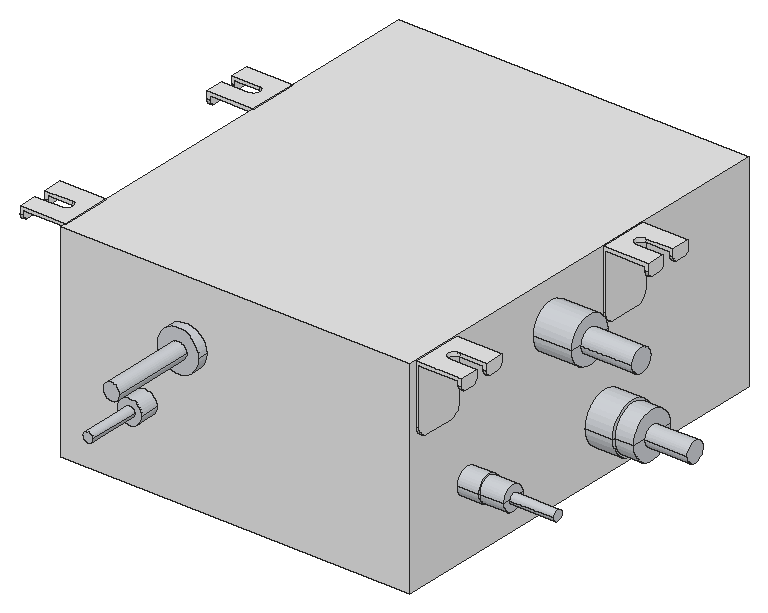
Revit family "EU_MCU_1PORT", category 기계 장비, Revit 2014
Parameters (values of type "1 PORT MODE CHANGE UNIT, 220-240V")
  Voltage [instance] = "220~240 V"
  URL = "www.samsung.com"
  Transmission Cable Min [instance] = 0.75 mm²
  Transmission Cable Max [instance] = 1.50 mm²
  Sound Pressure(Stable cooling Operation) [instance] = "33.00 dB(A)"
  Sound Pressure(Heating to Cooling Change over) [instance] = "50.00 dB(A)"
  Refrigerant Type [instance] = "R410A"
  Refrigerant Charge [instance] = 0.5 kg
  Product Name [instance] = "MODE CHANGE UNIT"
  Power Supply [instance] = 50 Hz
  Power Source Wire [instance] = 2.50 mm²
  Power Input Heating [instance] = 19 W
  Power Input Cooling [instance] = 19 W
  Phase [instance] = 1
  Outdoor Unit Refrigerant Suction Gas Connection Radius [instance] = if(1 = 1, Outdoor Unit Refrigerant Suction Gas Connection Diameter / 2, 0.00 mm)  # 9.525 mm
  Outdoor Unit Refrigerant Suction Gas Connection Offset Bottom [instance] = 50.651 mm
  Outdoor Unit Refrigerant Suction Gas Connection Offset Left [instance] = 234.741 mm
  Outdoor Unit Refrigerant Suction Gas Connection Diameter [instance] = 19.05 mm
  Outdoor Unit Refrigerant Liquid Connection Radius [instance] = if(1 = 1, Outdoor Unit Refrigerant Liquid Connection Diameter / 2, 0.00 mm)  # 4.76 mm
  Outdoor Unit Refrigerant Liquid Connection Offset Left [instance] = 68.75 mm
  Outdoor Unit Refrigerant Liquid Connection Offset Bottom [instance] = 68.524 mm
  Outdoor Unit Refrigerant Liquid Connection Diameter [instance] = 9.52 mm
  Outdoor Unit Refrigerant High Pressure Gas Connection Radius [instance] = if(1 = 1, Outdoor Unit Refrigerant High Pressure Gas Connection Diameter / 2, 0.00 mm)  # 11.11 mm
  Outdoor Unit Refrigerant High Pressure Gas Connection Offset Left [instance] = 169.728 mm
  Outdoor Unit Refrigerant High Pressure Gas Connection Offset Bottom [instance] = 158.712 mm
  Outdoor Unit Refrigerant High Pressure Gas Connection Diameter [instance] = 22.22 mm
  Operating Mode [instance] = "HEAT RECOVERY"
  Number of branches [instance] = "1 EA"
  Net Dimensions Width [instance] = 338.00 mm
  Net Dimensions Height [instance] = 199.00 mm
  Net Dimensions Depth [instance] = 409.00 mm
  built-in parameter 1010109 = ""
  Net  Weight [instance] = 11 kg
  Model [instance] = "MCU-S1NEK1N"
  Minimum Circuit Ampere(MCA) [instance] = 2 A
  Maximum number of connectable indoor units [instance] = "8 EA"
  Maximum number of connectable indoor unit per branch [instance] = "8 EA"
  Maximum capacity of connectable indoor units per branch(Y-Joint) [instance] = 0.00 kW
  Maximum capacity of connectable indoor units per branch [instance] = 16.00 kW
  Maximum capacity of connectable indoor units [instance] = 16.00 kW
  built-in parameter 1010108 = ""
  Maximum Over Protection(MFA) [instance] = 15 A
  Manufacturer [instance] = "SAMSUNG"
  Indoor Unit-6 Refrigerant Suction Gas Connection Radius [instance] = if(1 = 1, [Indoor Unit-6 Refrigerant Suction Gas Connection Diameter] / 2, 0.00 mm)  # 0.00 mm
  Indoor Unit-6 Refrigerant Suction Gas Connection Offset Left [instance] = 0.00 mm
  Indoor Unit-6 Refrigerant Suction Gas Connection Offset Bottom [instance] = 0.00 mm
  Indoor Unit-6 Refrigerant Suction Gas Connection Diameter [instance] = 0.00 mm
  Indoor Unit-6 Refrigerant Liquid Connection Radius [instance] = if(1 = 1, [Indoor Unit-6 Refrigerant Liquid Connection Diameter] / 2, 0.00 mm)  # 0.00 mm
  Indoor Unit-6 Refrigerant Liquid Connection Offset Left [instance] = 0.00 mm
  Indoor Unit-6 Refrigerant Liquid Connection Offset Bottom [instance] = 0.00 mm
  Indoor Unit-6 Refrigerant Liquid Connection Diameter [instance] = 0.00 mm
  Indoor Unit-5 Refrigerant Suction Gas Connection Radius [instance] = if(1 = 1, [Indoor Unit-5 Refrigerant Suction Gas Connection Diameter] / 2, 0.00 mm)  # 0.00 mm
  Indoor Unit-5 Refrigerant Suction Gas Connection Offset Left [instance] = 0.00 mm
  Indoor Unit-5 Refrigerant Suction Gas Connection Offset Bottom [instance] = 0.00 mm
  Indoor Unit-5 Refrigerant Suction Gas Connection Diameter [instance] = 0.00 mm
  Indoor Unit-5 Refrigerant Liquid Connection Radius [instance] = if(1 = 1, [Indoor Unit-5 Refrigerant Liquid Connection Diameter] / 2, 0.00 mm)  # 0.00 mm
  Indoor Unit-5 Refrigerant Liquid Connection Offset Left [instance] = 0.00 mm
  Indoor Unit-5 Refrigerant Liquid Connection Offset Bottom [instance] = 0.00 mm
  Indoor Unit-5 Refrigerant Liquid Connection Diameter [instance] = 0.00 mm
  Indoor Unit-4 Refrigerant Suction Gas Connection Radius [instance] = if(1 = 1, [Indoor Unit-4 Refrigerant Suction Gas Connection Diameter] / 2, 0.00 mm)  # 0.00 mm
  Indoor Unit-4 Refrigerant Suction Gas Connection Offset Left [instance] = 0.00 mm
  Indoor Unit-4 Refrigerant Suction Gas Connection Offset Bottom [instance] = 0.00 mm
  Indoor Unit-4 Refrigerant Suction Gas Connection Diameter [instance] = 0.00 mm
  Indoor Unit-4 Refrigerant Liquid Connection Radius [instance] = if(1 = 1, [Indoor Unit-4 Refrigerant Liquid Connection Diameter] / 2, 0.00 mm)  # 0.00 mm
  Indoor Unit-4 Refrigerant Liquid Connection Offset Left [instance] = 0.00 mm
  Indoor Unit-4 Refrigerant Liquid Connection Offset Bottom [instance] = 0.00 mm
  Indoor Unit-4 Refrigerant Liquid Connection Diameter [instance] = 0.00 mm
  Indoor Unit-3 Refrigerant Suction Gas Connection Radius [instance] = if(1 = 1, [Indoor Unit-3 Refrigerant Suction Gas Connection Diameter] / 2, 0.00 mm)  # 0.00 mm
  Indoor Unit-3 Refrigerant Suction Gas Connection Offset Left [instance] = 0.00 mm
  Indoor Unit-3 Refrigerant Suction Gas Connection Offset Bottom [instance] = 0.00 mm
  Indoor Unit-3 Refrigerant Suction Gas Connection Diameter [instance] = 0.00 mm
  Indoor Unit-3 Refrigerant Liquid Connection Radius [instance] = if(1 = 1, [Indoor Unit-3 Refrigerant Liquid Connection Diameter] / 2, 0.00 mm)  # 0.00 mm
  Indoor Unit-3 Refrigerant Liquid Connection Offset Left [instance] = 0.00 mm
  Indoor Unit-3 Refrigerant Liquid Connection Offset Bottom [instance] = 0.00 mm
  Indoor Unit-3 Refrigerant Liquid Connection Diameter [instance] = 0.00 mm
  Indoor Unit-2 Refrigerant Suction Gas Connection Radius [instance] = if(1 = 1, [Indoor Unit-2 Refrigerant Suction Gas Connection Diameter] / 2, 0.00 mm)  # 0.00 mm
  Indoor Unit-2 Refrigerant Suction Gas Connection Offset Left [instance] = 0.00 mm
  Indoor Unit-2 Refrigerant Suction Gas Connection Offset Bottom [instance] = 0.00 mm
  Indoor Unit-2 Refrigerant Suction Gas Connection Diameter [instance] = 0.00 mm
  Indoor Unit-2 Refrigerant Liquid Connection Radius [instance] = if(1 = 1, [Indoor Unit-2 Refrigerant Liquid Connection Diameter] / 2, 0.00 mm)  # 0.00 mm
  Indoor Unit-2 Refrigerant Liquid Connection Offset Left [instance] = 0.00 mm
  Indoor Unit-2 Refrigerant Liquid Connection Offset Bottom [instance] = 0.00 mm
  Indoor Unit-2 Refrigerant Liquid Connection Diameter [instance] = 0.00 mm
  Indoor Unit-1 Refrigerant Suction Gas Connection Radius [instance] = if(1 = 1, [Indoor Unit-1 Refrigerant Suction Gas Connection Diameter] / 2, 0.00 mm)  # 7.94 mm
  Indoor Unit-1 Refrigerant Suction Gas Connection Offset Left [instance] = 145.231 mm
  Indoor Unit-1 Refrigerant Suction Gas Connection Offset Bottom [instance] = 160.048 mm
  Indoor Unit-1 Refrigerant Suction Gas Connection Diameter [instance] = 15.88 mm
  Indoor Unit-1 Refrigerant Liquid Connection Radius [instance] = if(1 = 1, [Indoor Unit-1 Refrigerant Liquid Connection Diameter] / 2, 0.00 mm)  # 4.76 mm
  Indoor Unit-1 Refrigerant Liquid Connection Offset Left [instance] = 105.517 mm
  Indoor Unit-1 Refrigerant Liquid Connection Offset Bottom [instance] = 97.24 mm
  Indoor Unit-1 Refrigerant Liquid Connection Diameter [instance] = 9.52 mm
  Heating Operation Limit Min [instance] = -25 °C
  Heating Operation Limit Max [instance] = 24 °C
  Current Input Heating [instance] = 0.2 A
  Current Input Cooling [instance] = 0.2 A
  Cooling Operation Limit Min [instance] = -15 °C
  Cooling Operation Limit Max [instance] = 48 °C
  -15 ℃ Operation(2Port) [instance] = "Below 5~16 kW"
  -15 ℃ Operation(1Port) [instance] = "Below 5 kW"
Reference planes
  plane 1 "Center (Front/Back)": y = 0
  plane 2 "base": z = 0
  plane 3 "Center (Left/Right)": x = 0
  plane 4: x = -169
  plane 5: x = 169
  plane 6: y = 204.5
  plane 7: y = -204.5
  plane 8: z = 199
  plane 9 "PIPE0": z = 68.524
  plane 10: y = -135.75
  plane 11: y = -34.772
  plane 12 "HGAS0": z = 158.712
  plane 13: y = 30.241
  plane 14 "GAS0": z = 50.651
  plane 15 "GAS16": z = 160.048
  plane 16 "PIPE16": z = 97.24
  plane 17: x = 270.932
  plane 18: x = -23.769
  plane 19: x = 230.958
  plane 20: x = -63.483
Forms (mm)
  Extrusion 1, solid, material "Body"
    sketch origin (0, 0, 0) x (1, 0, 0) y (0, 1, 0)
      loop
        line (-169.048, 204.5) -> (-169.048, -204.5) -> (169, -204.5) -> (169, 204.5) -> (-169.048, 204.5)
    from 0 to 199
  Revolve 2, solid
    sketch origin (0, 0, 50.651) x (0, -1, 0) y (1, 0, 0)
      loop
        line (-30.241, 215.307) -> (-30.241, 169) -> (-6.257, 169) -> (-6.257, 196.404) -> (-8.265, 196.404) -> (-8.265, 215.307) -> (-30.241, 215.307)
      axis (-30.241, 169) -> (-30.241, 215.307)
    angle from 0 to 360
  Revolve 3, solid
    sketch origin (0, 0, 158.712) x (0, -1, 0) y (1, 0, 0)
      loop
        line (34.772, 206.806) -> (34.772, 169) -> (56.43, 169) -> (56.43, 206.806) -> (34.772, 206.806)
      axis (34.772, 169) -> (34.772, 206.806)
    angle from 0 to 360
  Revolve 4, solid
    sketch origin (0, 0, 68.524) x (0, -1, 0) y (1, 0, 0)
      loop
        line (135.75, 213.828) -> (124.161, 213.828) -> (124.161, 190.377) -> (123.229, 190.377) -> (123.229, 169) -> (135.75, 169) -> (135.75, 213.828)
      axis (135.75, 169) -> (135.75, 213.828)
    angle from 0 to 360
  Extrusion 5, solid
    sketch origin (0, 0, 0) x (0, 1, 0) y (0, 0, 1)
      loop
        circle (-135.75, 68.524) r 4.76
    from 213.828 to 256.883
  Extrusion 6, solid
    sketch origin (0, 0, 0) x (0, 1, 0) y (0, 0, 1)
      loop
        circle (-34.772, 158.712) r 11.11
    from 206.806 to 256.883
  Extrusion 7, solid
    sketch origin (0, 0, 0) x (0, 1, 0) y (0, 0, 1)
      loop
        circle (30.241, 50.651) r 9.525
    from 215.307 to 256.883
  Extrusion 8, solid
    sketch origin (400.581, 0, 0) x (1, 0, 0) y (0, 0, 1)
      loop
        circle (-424.35, 160.048) r 20
    from 234.5 to 243.607
  Extrusion 9, solid
    sketch origin (400.545, 0, 0) x (1, 0, 0) y (0, 0, 1)
      loop
        circle (-464.028, 97.24) r 11.578
    from 234.5 to 252.666
  Extrusion 10, solid
    sketch origin (0, 0, 0) x (1, 0, 0) y (0, 0, 1)
      loop
        circle (-63.483, 97.24) r 4.76
    from 252.666 to 302.867
  Extrusion 11, solid
    sketch origin (0, 0, 0) x (1, 0, 0) y (0, 0, 1)
      loop
        circle (-23.769, 160.048) r 7.94
    from 243.607 to 324.292
Lines and regions (mm)
  model lines, not visible
    curve 1: arc (195.594, -165, 1319.842) -> (200.975, -165, 1322.29) -> (206.401, -165, 1324.635) r 309.246
    curve 2: arc (187.783, -165, 1316.133) -> (191.645, -165, 1318.08) -> (195.594, -165, 1319.842) r 91.892
    curve 3: arc (183.29, -165, 1313.637) -> (185.513, -165, 1314.928) -> (187.783, -165, 1316.133) r 67.043
    curve 4: arc (180.377, -165, 1311.624) -> (181.826, -165, 1312.641) -> (183.29, -165, 1313.637) r 121.609
    curve 5: arc (177.43, -165, 1309.404) -> (178.883, -165, 1310.542) -> (180.377, -165, 1311.624) r 48.689
    curve 6: arc (174.608, -165, 1307.049) -> (175.983, -165, 1308.27) -> (177.43, -165, 1309.404) r 29.649
    curve 7: arc (172.38, -165, 1304.752) -> (173.454, -165, 1305.939) -> (174.608, -165, 1307.049) r 22.979
    curve 8: arc (170.712, -165, 1302.508) -> (171.5, -165, 1303.664) -> (172.38, -165, 1304.752) r 17.124
    curve 9: arc (169.537, -165, 1300.289) -> (170.066, -165, 1301.43) -> (170.712, -165, 1302.508) r 11.876
    curve 10: arc (168.855, -165, 1298.11) -> (169.127, -165, 1299.221) -> (169.537, -165, 1300.289) r 9.086
    curve 11: arc (168.724, -165, 1295.997) -> (168.722, -165, 1297.058) -> (168.855, -165, 1298.11) r 8.267
    curve 12: arc (169.118, -165, 1293.959) -> (168.862, -165, 1294.967) -> (168.724, -165, 1295.997) r 8.908
    curve 13: arc (170.049, -165, 1292.008) -> (169.536, -165, 1292.961) -> (169.118, -165, 1293.959) r 11.032
    curve 14: arc (171.482, -165, 1290.151) -> (170.729, -165, 1291.052) -> (170.049, -165, 1292.008) r 15.106
    curve 15: arc (173.425, -165, 1288.401) -> (172.427, -165, 1289.247) -> (171.482, -165, 1290.151) r 21.501
    curve 16: arc (175.833, -165, 1286.762) -> (174.609, -165, 1287.553) -> (173.425, -165, 1288.401) r 30.601
    curve 17: arc (178.7, -165, 1285.244) -> (177.252, -165, 1285.976) -> (175.833, -165, 1286.762) r 42.727
    curve 18: arc (181.975, -165, 1283.846) -> (180.327, -165, 1284.52) -> (178.7, -165, 1285.244) r 57.776
    curve 19: arc (185.642, -165, 1282.578) -> (183.801, -165, 1283.189) -> (181.975, -165, 1283.846) r 76.022
    curve 20: arc (189.65, -165, 1281.435) -> (187.64, -165, 1281.985) -> (185.642, -165, 1282.578) r 97.926
    curve 21: arc (193.978, -165, 1280.422) -> (191.81, -165, 1280.909) -> (189.65, -165, 1281.435) r 124.368
    curve 22: arc (198.563, -165, 1279.532) -> (196.267, -165, 1279.959) -> (193.978, -165, 1280.422) r 146.449
    curve 23: arc (203.387, -165, 1278.768) -> (200.972, -165, 1279.133) -> (198.563, -165, 1279.532) r 171.678
    curve 24: arc (208.517, -165, 1278.111) -> (205.95, -165, 1278.423) -> (203.387, -165, 1278.768) r 205.135
    curve 25: arc (214.051, -165, 1277.556) -> (211.282, -165, 1277.817) -> (208.517, -165, 1278.111) r 233.448
    curve 26: arc (219.975, -165, 1277.105) -> (217.012, -165, 1277.314) -> (214.051, -165, 1277.556) r 268.023
    curve 27: arc (226.291, -165, 1276.774) -> (223.132, -165, 1276.923) -> (219.975, -165, 1277.105) r 304.233
    curve 28: arc (232.968, -165, 1276.566) -> (229.629, -165, 1276.654) -> (226.291, -165, 1276.774) r 343.121
    curve 29: arc (240, -165, 1276.492) -> (236.484, -165, 1276.513) -> (232.968, -165, 1276.566) r 378.704
    curve 30: arc (247.347, -165, 1276.551) -> (243.674, -165, 1276.505) -> (240, -165, 1276.492) r 416.052
    curve 31: arc (254.991, -165, 1276.756) -> (251.17, -165, 1276.637) -> (247.347, -165, 1276.551) r 449.8
    curve 32: arc (262.884, -165, 1277.101) -> (258.939, -165, 1276.912) -> (254.991, -165, 1276.756) r 482.662
    curve 33: arc (270.997, -165, 1277.596) -> (266.942, -165, 1277.332) -> (262.884, -165, 1277.101) r 510.257
    curve 34: arc (279.276, -165, 1278.232) -> (275.138, -165, 1277.898) -> (270.997, -165, 1277.596) r 534.514
    curve 35: arc (287.683, -165, 1279.015) -> (283.481, -165, 1278.608) -> (279.276, -165, 1278.232) r 553.014
    curve 36: arc (296.163, -165, 1279.935) -> (291.925, -165, 1279.459) -> (287.683, -165, 1279.015) r 565.829
    curve 37: arc (304.67, -165, 1280.992) -> (300.418, -165, 1280.448) -> (296.163, -165, 1279.935) r 573.124
    curve 38: arc (313.153, -165, 1282.173) -> (308.914, -165, 1281.567) -> (304.67, -165, 1280.992) r 572.829
    curve 39: arc (321.562, -165, 1283.476) -> (317.36, -165, 1282.809) -> (313.153, -165, 1282.173) r 567.911
    curve 40: arc (329.854, -165, 1284.886) -> (325.711, -165, 1284.166) -> (321.562, -165, 1283.476) r 555.278
    curve 41: arc (337.977, -165, 1286.397) -> (333.918, -165, 1285.626) -> (329.854, -165, 1284.886) r 540.479
    curve 42: arc (345.899, -165, 1287.994) -> (341.942, -165, 1287.18) -> (337.977, -165, 1286.397) r 515.558
    curve 43: arc (353.573, -165, 1289.667) -> (349.74, -165, 1288.815) -> (345.899, -165, 1287.994) r 488.161
    curve 44: arc (360.978, -165, 1291.404) -> (357.279, -165, 1290.52) -> (353.573, -165, 1289.667) r 460.471
    curve 45: arc (368.073, -165, 1293.194) -> (364.529, -165, 1292.284) -> (360.978, -165, 1291.404) r 440.452
    curve 46: arc (374.846, -165, 1295.02) -> (371.464, -165, 1294.092) -> (368.073, -165, 1293.194) r 391.802
    curve 47: arc (381.262, -165, 1296.872) -> (378.059, -165, 1295.93) -> (374.846, -165, 1295.02) r 331.309
    curve 48: line (387.339, -165, 1298.749) -> (381.262, -165, 1296.872)
    curve 49: arc (406.992, -165, 1306.046) -> (400.756, -165, 1303.532) -> (394.479, -165, 1301.124) r 397.928
    curve 50: arc (416.144, -165, 1309.892) -> (411.607, -165, 1307.876) -> (406.992, -165, 1306.046) r 121.956
    curve 51: arc (421.525, -165, 1312.518) -> (418.856, -165, 1311.161) -> (416.144, -165, 1309.892) r 91.735
    curve 52: arc (425.128, -165, 1314.665) -> (423.334, -165, 1313.58) -> (421.525, -165, 1312.518) r 164.173
    curve 53: arc (428.811, -165, 1317.042) -> (426.989, -165, 1315.824) -> (425.128, -165, 1314.665) r 67.791
    curve 54: arc (432.383, -165, 1319.569) -> (430.63, -165, 1318.259) -> (428.811, -165, 1317.042) r 41.777
    curve 55: arc (435.298, -165, 1322.049) -> (433.877, -165, 1320.766) -> (432.383, -165, 1319.569) r 32.257
    curve 56: arc (441.061, -165, 1331.584) -> (440.862, -165, 1330.411) -> (440.506, -165, 1329.275) r 8.779
    curve 57: arc (440.506, -165, 1329.275) -> (439.989, -165, 1328.05) -> (439.325, -165, 1326.898) r 10.886
    curve 58: arc (439.325, -165, 1326.898) -> (438.514, -165, 1325.648) -> (437.587, -165, 1324.483) r 15.562
    curve 59: arc (437.587, -165, 1324.483) -> (436.486, -165, 1323.225) -> (435.298, -165, 1322.049) r 23.512
    curve 60: arc (441.015, -165, 1333.815) -> (441.113, -165, 1332.701) -> (441.061, -165, 1331.584) r 8.408
    curve 61: arc (440.355, -165, 1335.951) -> (440.747, -165, 1334.902) -> (441.015, -165, 1333.815) r 9.661
    curve 62: arc (439.117, -165, 1337.984) -> (439.783, -165, 1336.996) -> (440.355, -165, 1335.951) r 12.903
    curve 63: arc (437.295, -165, 1339.897) -> (438.24, -165, 1338.973) -> (439.117, -165, 1337.984) r 18.535
    curve 64: arc (434.939, -165, 1341.686) -> (436.142, -165, 1340.823) -> (437.295, -165, 1339.897) r 27.033
    curve 65: arc (432.06, -165, 1343.338) -> (433.517, -165, 1342.543) -> (434.939, -165, 1341.686) r 38.822
    curve 66: arc (428.716, -165, 1344.854) -> (430.401, -165, 1344.124) -> (432.06, -165, 1343.338) r 53.845
    curve 67: arc (424.931, -165, 1346.224) -> (426.833, -165, 1345.565) -> (428.716, -165, 1344.854) r 72.44
    curve 68: arc (420.762, -165, 1347.453) -> (422.853, -165, 1346.862) -> (424.931, -165, 1346.224) r 95.068
    curve 69: arc (416.239, -165, 1348.536) -> (418.506, -165, 1348.016) -> (420.762, -165, 1347.453) r 122.777
    curve 70: arc (411.434, -165, 1349.48) -> (413.841, -165, 1349.028) -> (416.239, -165, 1348.536) r 145.634
    curve 71: arc (406.372, -165, 1350.284) -> (408.906, -165, 1349.901) -> (411.434, -165, 1349.48) r 171.922
    curve 72: arc (400.971, -165, 1350.969) -> (403.674, -165, 1350.644) -> (406.372, -165, 1350.284) r 207.343
    curve 73: arc (395.117, -165, 1351.543) -> (398.046, -165, 1351.275) -> (400.971, -165, 1350.969) r 236.909
    curve 74: arc (388.823, -165, 1352.001) -> (391.971, -165, 1351.79) -> (395.117, -165, 1351.543) r 273.522
    curve 75: arc (382.085, -165, 1352.325) -> (385.455, -165, 1352.181) -> (388.823, -165, 1352.001) r 311.841
    curve 76: arc (374.941, -165, 1352.511) -> (378.513, -165, 1352.436) -> (382.085, -165, 1352.325) r 353.101
    curve 77: arc (367.395, -165, 1352.546) -> (371.168, -165, 1352.547) -> (374.941, -165, 1352.511) r 390.355
    curve 78: arc (359.495, -165, 1352.429) -> (363.444, -165, 1352.505) -> (367.395, -165, 1352.546) r 429.401
    curve 79: arc (342.759, -165, 1351.705) -> (347.011, -165, 1351.944) -> (351.264, -165, 1352.147) r 497.155
    curve 80: arc (334.019, -165, 1351.093) -> (338.388, -165, 1351.417) -> (342.759, -165, 1351.705) r 523.922
    curve 81: arc (325.105, -165, 1350.32) -> (329.56, -165, 1350.725) -> (334.019, -165, 1351.093) r 546.438
    curve 82: arc (316.068, -165, 1349.381) -> (320.585, -165, 1349.869) -> (325.105, -165, 1350.32) r 562.058
    curve 83: arc (306.973, -165, 1348.289) -> (311.519, -165, 1348.853) -> (316.068, -165, 1349.381) r 570.808
    curve 84: arc (297.879, -165, 1347.045) -> (302.424, -165, 1347.685) -> (306.973, -165, 1348.289) r 573.187
    curve 85: arc (288.846, -165, 1345.663) -> (293.36, -165, 1346.372) -> (297.879, -165, 1347.045) r 566.808
    curve 86: arc (279.935, -165, 1344.149) -> (284.387, -165, 1344.924) -> (288.846, -165, 1345.663) r 555.457
    curve 87: arc (271.197, -165, 1342.521) -> (275.562, -165, 1343.353) -> (279.935, -165, 1344.149) r 535.611
    curve 88: arc (262.692, -165, 1340.788) -> (266.941, -165, 1341.673) -> (271.197, -165, 1342.521) r 513.885
    curve 89: arc (254.458, -165, 1338.968) -> (258.571, -165, 1339.896) -> (262.692, -165, 1340.788) r 481.756
    curve 90: arc (246.548, -165, 1337.073) -> (250.498, -165, 1338.038) -> (254.458, -165, 1338.968) r 447.901
    curve 91: arc (231.805, -165, 1333.12) -> (235.389, -165, 1334.137) -> (238.982, -165, 1335.119) r 389.27
    curve 92: arc (238.982, -165, 1335.119) -> (242.76, -165, 1336.114) -> (246.548, -165, 1337.073) r 414.22
    curve 93: arc (351.264, -165, 1352.147) -> (355.379, -165, 1352.306) -> (359.495, -165, 1352.429) r 463.961
    curve 94: line (212.744, -165, 1327.003) -> (218.679, -165, 1329.055)
    curve 95: arc (218.679, -165, 1329.055) -> (221.846, -165, 1330.094) -> (225.026, -165, 1331.094) r 275.24
    curve 96: arc (225.026, -165, 1331.094) -> (228.41, -165, 1332.125) -> (231.805, -165, 1333.12) r 337.122
    curve 97: line (240.576, -165, 1320.247) -> (243.349, -165, 1298.748)
    curve 98: line (243.349, -165, 1298.748) -> (251.269, -165, 1298.748)
    curve 99: line (251.269, -165, 1298.748) -> (246.46, -165, 1327.035)
    curve 100: line (246.46, -165, 1327.035) -> (234.014, -165, 1327.035)
    curve 101: line (234.014, -165, 1327.035) -> (229.205, -165, 1298.748)
    curve 102: line (229.205, -165, 1298.748) -> (237.125, -165, 1298.748)
    curve 103: line (237.125, -165, 1298.748) -> (239.898, -165, 1320.247)
    curve 104: line (271.428, -165, 1311.76) -> (268.883, -165, 1327.035)
    curve 105: line (268.883, -165, 1327.035) -> (256.436, -165, 1327.035)
    curve 106: line (256.436, -165, 1327.035) -> (256.436, -165, 1298.748)
    curve 107: line (256.436, -165, 1298.748) -> (263.791, -165, 1298.748)
    curve 108: line (263.791, -165, 1298.748) -> (263.791, -165, 1319.907)
    curve 109: line (274.54, -165, 1327.035) -> (271.994, -165, 1311.76)
    curve 110: line (275.672, -165, 1298.748) -> (279.066, -165, 1319.907)
    curve 111: line (279.632, -165, 1319.907) -> (279.632, -165, 1298.748)
    curve 112: line (286.986, -165, 1298.748) -> (286.986, -165, 1327.035)
    curve 113: line (279.632, -165, 1298.748) -> (286.986, -165, 1298.748)
    curve 114: line (264.357, -165, 1319.907) -> (267.751, -165, 1298.748)
    curve 115: line (267.751, -165, 1298.748) -> (275.672, -165, 1298.748)
    curve 116: line (286.986, -165, 1327.035) -> (274.54, -165, 1327.035)
    curve 117: line (340.32, -165, 1306.669) -> (340.32, -165, 1327.035)
    curve 118: line (340.32, -165, 1327.035) -> (332.399, -165, 1327.035)
    curve 119: line (332.399, -165, 1327.035) -> (332.399, -165, 1306.669)
    curve 120: arc (332.399, -165, 1306.669) -> (330.136, -165, 1304.406) -> (327.873, -165, 1306.669) r 2.263
    curve 121: line (327.873, -165, 1306.669) -> (327.873, -165, 1327.035)
    curve 122: line (327.873, -165, 1327.035) -> (319.953, -165, 1327.035)
    curve 123: line (319.953, -165, 1327.035) -> (319.953, -165, 1306.669)
    curve 124: line (363.833, -165, 1309.497) -> (356.817, -165, 1327.035)
    curve 125: line (356.817, -165, 1327.035) -> (347.426, -165, 1327.035)
    curve 126: line (347.426, -165, 1327.035) -> (347.426, -165, 1298.748)
    curve 127: line (347.426, -165, 1298.748) -> (354.441, -165, 1298.748)
    curve 128: line (354.441, -165, 1298.748) -> (354.441, -165, 1316.286)
    curve 129: line (364.172, -165, 1327.035) -> (364.172, -165, 1309.497)
    curve 130: line (371.187, -165, 1327.035) -> (364.172, -165, 1327.035)
    curve 131: line (371.187, -165, 1298.748) -> (371.187, -165, 1327.035)
    curve 132: line (361.796, -165, 1298.748) -> (371.187, -165, 1298.748)
    curve 133: line (354.781, -165, 1316.286) -> (361.796, -165, 1298.748)
    curve 134: line (377.89, -165, 1319.398) -> (377.89, -165, 1306.386)
    curve 135: line (385.527, -165, 1306.386) -> (385.527, -165, 1319.398)
    curve 136: arc (389.487, -165, 1319.398) -> (387.507, -165, 1321.378) -> (385.527, -165, 1319.398) r 1.98
    curve 137: arc (385.527, -165, 1306.386) -> (387.507, -165, 1304.406) -> (389.487, -165, 1306.386) r 1.98
    curve 138: line (387.507, -165, 1313.458) -> (387.507, -165, 1309.497)
    curve 139: line (387.507, -165, 1309.497) -> (389.487, -165, 1309.497)
    curve 140: line (389.487, -165, 1309.497) -> (389.487, -165, 1306.386)
    curve 141: line (397.125, -165, 1313.458) -> (387.507, -165, 1313.458)
    curve 142: line (397.125, -165, 1305.954) -> (397.125, -165, 1313.458)
    curve 143: line (397.125, -165, 1317.418) -> (397.125, -165, 1319.398)
    curve 144: line (389.487, -165, 1319.398) -> (389.487, -165, 1317.418)
    curve 145: line (389.487, -165, 1317.418) -> (397.125, -165, 1317.418)
    curve 146: arc (377.89, -165, 1319.398) -> (387.507, -165, 1327.035) -> (397.125, -165, 1319.398) r 9.874
    curve 147: arc (377.89, -165, 1306.386) -> (381.112, -165, 1300.708) -> (387.339, -165, 1298.749) r 8.913
    curve 148: arc (394.479, -165, 1301.124) -> (396.296, -165, 1303.268) -> (397.125, -165, 1305.954) r 7.016
    curve 149: line (312.844, -165, 1320.247) -> (312.844, -165, 1316.852)
    curve 150: line (312.844, -165, 1316.852) -> (305.49, -165, 1316.852)
    curve 151: line (305.49, -165, 1316.852) -> (305.49, -165, 1319.115)
    curve 152: arc (305.49, -165, 1319.115) -> (302.07, -165, 1321.06) -> (302.145, -165, 1317.127) r 2.263
    curve 153: line (302.145, -165, 1317.127) -> (310.231, -165, 1312.728)
    curve 154: arc (319.953, -165, 1306.669) -> (330.136, -165, 1298.748) -> (340.32, -165, 1306.669) r 10.507
    curve 155: line (296.934, -165, 1312.849) -> (304.358, -165, 1308.628)
    curve 156: arc (300.964, -165, 1306.669) -> (304.358, -165, 1304.709) -> (304.358, -165, 1308.628) r 2.263
    curve 157: line (313.41, -165, 1305.537) -> (313.41, -165, 1307.8)
    curve 158: line (293.043, -165, 1308.932) -> (293.043, -165, 1305.537)
    curve 159: line (300.964, -165, 1308.932) -> (293.043, -165, 1308.932)
    curve 160: line (300.964, -165, 1306.669) -> (300.964, -165, 1308.932)
    curve 161: line (293.609, -165, 1320.247) -> (293.609, -165, 1317.984)
    curve 162: arc (293.609, -165, 1320.247) -> (303.227, -165, 1327.036) -> (312.844, -165, 1320.247) r 10.207
    curve 163: arc (293.043, -165, 1305.537) -> (303.227, -165, 1298.748) -> (313.41, -165, 1305.537) r 11.032
    curve 164: arc (310.231, -165, 1312.728) -> (312.449, -165, 1310.67) -> (313.41, -165, 1307.8) r 6.121
    curve 165: arc (296.934, -165, 1312.849) -> (294.064, -165, 1316.005) -> (293.609, -165, 1320.247) r 6.87
    curve 166: line (211.427, -165, 1308.932) -> (203.507, -165, 1308.932)
    curve 167: arc (211.427, -165, 1306.67) -> (214.859, -165, 1304.732) -> (214.745, -165, 1308.672) r 2.263
    curve 168: line (211.427, -165, 1306.67) -> (211.427, -165, 1308.932)
    curve 169: line (203.507, -165, 1308.932) -> (203.507, -165, 1305.537)
    curve 170: line (223.874, -165, 1305.537) -> (223.874, -165, 1307.8)
    curve 171: line (220.694, -165, 1312.728) -> (212.609, -165, 1317.127)
    curve 172: arc (215.953, -165, 1319.116) -> (212.534, -165, 1321.062) -> (212.609, -165, 1317.128) r 2.263
    curve 173: line (215.953, -165, 1319.116) -> (215.953, -165, 1316.852)
    curve 174: line (215.953, -165, 1316.852) -> (223.308, -165, 1316.852)
    curve 175: line (223.308, -165, 1316.852) -> (223.308, -165, 1320.247)
    curve 176: line (204.042, -165, 1320.244) -> (204.042, -165, 1317.984)
    curve 177: arc (223.308, -165, 1320.247) -> (219.662, -165, 1326.182) -> (212.744, -165, 1327.003) r 7.992
    curve 178: arc (204.042, -165, 1320.244) -> (204.669, -165, 1322.736) -> (206.401, -165, 1324.635) r 5.266
    curve 179: arc (203.507, -165, 1305.537) -> (213.69, -165, 1298.732) -> (223.874, -165, 1305.537) r 11.022
    curve 180: arc (223.874, -165, 1307.8) -> (222.913, -165, 1310.67) -> (220.694, -165, 1312.728) r 6.121
    curve 181: line (207.398, -165, 1312.849) -> (214.745, -165, 1308.672)
    curve 182: arc (207.398, -165, 1312.849) -> (205.098, -165, 1315.01) -> (204.042, -165, 1317.984) r 6.706
Dimensions and locks
  equal spacing: plane 6, plane 1 "Center (Front/Back)", plane 7
  "Net Dimensions Depth": plane 6 to plane 7
  equal spacing: plane 4, plane 3 "Center (Left/Right)", plane 5
  "Net Dimensions Width": plane 4 to plane 5
  "Net Dimensions Height": plane 8 to plane 2 "base"
  "Outdoor Unit Refrigerant Liquid Connection Offset Left": plane 7 to plane 10
  "Outdoor Unit Refrigerant High Pressure Gas Connection Offset Left": plane 7 to plane 11
  "Outdoor Unit Refrigerant Suction Gas Connection Offset Left": plane 7 to plane 13
  "Outdoor Unit Refrigerant Suction Gas Connection Offset Bottom": plane 14 "GAS0" to level
  "Outdoor Unit Refrigerant Liquid Connection Offset Bottom": plane 9 "PIPE0" to level
  "Outdoor Unit Refrigerant High Pressure Gas Connection Offset Bottom": plane 12 "HGAS0" to level
  "Indoor Unit-1 Refrigerant Liquid Connection Offset Left": plane 20 to plane 4
  "Indoor Unit-1 Refrigerant Suction Gas Connection Offset Left": plane 18 to plane 4
  "Indoor Unit-1 Refrigerant Liquid Connection Offset Bottom": plane 16 "PIPE16" to level
  "Indoor Unit-1 Refrigerant Suction Gas Connection Offset Bottom": plane 15 "GAS16" to level
  locked: plane 5 to Revolve 2 at 46.307
  locked: plane 5 to Revolve 3 at 37.806
  locked: plane 5 to Revolve 4 at 44.828
  locked: Extrusion 5 to Extrusion 5 at 43.055
  "Outdoor Unit Refrigerant Liquid Connection Diameter": diameter of Extrusion 5 sketch curve
  "Outdoor Unit Refrigerant High Pressure Gas Connection Diameter": diameter of Extrusion 6 sketch curve
  "Outdoor Unit Refrigerant Suction Gas Connection Diameter": diameter of Extrusion 7 sketch curve
  "Indoor Unit-1 Refrigerant Suction Gas Connection Diameter": diameter of Extrusion 11 sketch curve
  "Indoor Unit-1 Refrigerant Liquid Connection Diameter": diameter of Extrusion 10 sketch curve
  aligned and locked: level to plane 2 "base"
  aligned and locked: Extrusion 1 sketch curve to plane 7
  aligned and locked: plane 8 to Extrusion 1
  aligned and locked: Extrusion 1 to Revolve 2 sketch curve
  aligned and locked: plane 5 to Revolve 3  (x2)
  aligned and locked: Extrusion 5 to Extrusion 6
  aligned and locked: Extrusion 5 to Extrusion 7
  aligned and locked: plane 8 to nested 2
  aligned and locked: plane 5 to nested 1
  aligned and locked: plane 5 to nested 2
  aligned and locked: plane 4 to nested 4
  aligned and locked: plane 4 to nested 3
  aligned and locked: Revolve 4 to plane 5
  aligned and locked: plane 5 to Revolve 2
  aligned and locked: Revolve 4 to Extrusion 5
  aligned and locked: Extrusion 6 to Revolve 3
  aligned and locked: Extrusion 6 to Extrusion 5
  aligned and locked: Extrusion 7 to Revolve 2
  aligned and locked: Extrusion 7 to Extrusion 5
Automatic sketch dimensions
  Revolve 3 sketch curve to plane 11 = 0.00 mm  (x2)
  Revolve 3 sketch curve to plane 5 = 0.00 mm
  Revolve 3 sketch curve to plane 11 = 21.658 mm
  Revolve 3 sketch curve to plane 4 = 1083.782 mm
  Revolve 3 sketch curve to Revolve 3 sketch curve = 1497.177 mm
  Revolve 4 sketch curve to plane 10 = 0.00 mm  (x2)
  Revolve 4 sketch curve to plane 4 = 1083.782 mm
  Extrusion 8 sketch curve to plane 15 "GAS16" = 0.00 mm
  Extrusion 8 sketch curve to plane 18 = 0.00 mm
  Extrusion 9 sketch curve to plane 16 "PIPE16" = 0.00 mm
  Extrusion 9 sketch curve to plane 20 = 0.00 mm
  Extrusion 1 sketch curve to plane 5 = 0.00 mm
  Extrusion 1 sketch curve to plane 6 = 0.00 mm
  Extrusion 1 sketch curve to plane 4 = 0.048 mm
  plane 18 to Revolve 4 sketch curve = 1352.934 mm
  Revolve 4 sketch curve to plane 5 = 0.00 mm
  plane 10 to Revolve 4 sketch curve = 12.521 mm
  plane 10 to Revolve 4 sketch curve = 11.589 mm
  Revolve 4 sketch curve to Revolve 4 sketch curve = 21.377 mm
  Revolve 4 sketch curve to plane 19 = 17.131 mm
  Revolve 3 sketch curve to plane 19 = 24.152 mm
  Revolve 2 sketch curve to plane 13 = 0.00 mm  (x2)
  Revolve 2 sketch curve to plane 1 "Center (Front/Back)" = 8.265 mm
  Revolve 2 sketch curve to Revolve 2 sketch curve = 2.008 mm
  plane 5 to Revolve 2 sketch curve = 27.404 mm
  Revolve 2 sketch curve to Revolve 2 sketch curve = 18.902 mm
  Revolve 2 sketch curve to plane 4 = 1083.782 mm
  plane 18 to Revolve 2 sketch curve = 1352.934 mm
  Extrusion 5 sketch curve to plane 9 "PIPE0" = 0.00 mm
  Extrusion 5 sketch curve to plane 10 = 0.00 mm
  Extrusion 6 sketch curve to plane 11 = 0.00 mm
  Extrusion 6 sketch curve to plane 12 "HGAS0" = 0.00 mm
  Extrusion 7 sketch curve to plane 13 = 0.00 mm
  Extrusion 7 sketch curve to plane 14 "GAS0" = 0.00 mm
  Extrusion 10 sketch curve to plane 16 "PIPE16" = 0.00 mm
  Extrusion 10 sketch curve to plane 20 = 0.00 mm
  Extrusion 11 sketch curve to plane 15 "GAS16" = 0.00 mm
  Extrusion 11 sketch curve to plane 18 = 0.00 mm
  radius of Extrusion 8 sketch curve = 20.00 mm
  radius of Extrusion 9 sketch curve = 11.578 mm
Nested families
  nested 1: "Hook" at (169, 52.16, -47) x (0, 1, 0) z (0, 0, 1), type "Hook"
    with Head Height 246.00 mm, Body Height 67.00 mm
  nested 2: "Hook" at (169, -173.58, -47) x (0, 1, 0) z (0, 0, 1), type "Hook"
    with Head Height 246.00 mm, Body Height 67.00 mm
  nested 3: "Hook" at (-169, 52.16, -47) x (0, 1, 0) z (0, 0, 1), type "Hook"
    with Head Height 246.00 mm, Body Height 67.00 mm
  nested 4: "Hook" at (-169, -173.576, -47) x (0, 1, 0) z (0, 0, 1), type "Hook"
    with Head Height 246.00 mm, Body Height 67.00 mm
Connectors
  piping at (256.883, -135.75, 68.524), diameter 9.52, driven by "Outdoor Unit Refrigerant Liquid Connection Radius"
    settings: on Extrusion 5, index 13, connector inside diameter 609.6 mm, connector length 0.00 mm, flow factor 0, pipe flow 0.0 L/s, pressure drop 0.0 Pa, fitting loss kfactor 0, connector angle 0.00°, fixture units 0, engagement length 0.00 mm, angle of deflection 0.00°, flow configuration 0, flow direction 0, fitting loss method 0, system type 7, joint type 0, gender type 0, connector reference index -1, connector utility 0, adjustable connector no, is connector primary yes, connector description ""
  piping at (256.883, -34.772, 158.712), diameter 22.22, driven by "Outdoor Unit Refrigerant High Pressure Gas Connection Radius"
    settings: on Extrusion 6, index 14, connector inside diameter 609.6 mm, connector length 0.00 mm, flow factor 0, pipe flow 0.0 L/s, pressure drop 0.0 Pa, fitting loss kfactor 0, connector angle 0.00°, fixture units 0, engagement length 0.00 mm, angle of deflection 0.00°, flow configuration 0, flow direction 0, fitting loss method 0, system type 7, joint type 0, gender type 0, connector reference index -1, connector utility 0, adjustable connector no, is connector primary no, connector description ""
  piping at (256.883, 30.241, 50.651), diameter 19.05, driven by "Outdoor Unit Refrigerant Suction Gas Connection Radius"
    settings: on Extrusion 7, index 15, connector inside diameter 609.6 mm, connector length 0.00 mm, flow factor 0, pipe flow 0.0 L/s, pressure drop 0.0 Pa, fitting loss kfactor 0, connector angle 0.00°, fixture units 0, engagement length 0.00 mm, angle of deflection 0.00°, flow configuration 0, flow direction 0, fitting loss method 0, system type 7, joint type 0, gender type 0, connector reference index -1, connector utility 0, adjustable connector no, is connector primary no, connector description ""
  piping at (-23.769, -324.292, 160.048), diameter 15.88, driven by "Indoor Unit-1 Refrigerant Suction Gas Connection Radius"
    settings: on Extrusion 11, index 16, connector inside diameter 609.6 mm, connector length 0.00 mm, flow factor 0, pipe flow 0.0 L/s, pressure drop 0.0 Pa, fitting loss kfactor 0, connector angle 0.00°, fixture units 0, engagement length 0.00 mm, angle of deflection 0.00°, flow configuration 0, flow direction 0, fitting loss method 0, system type 7, joint type 0, gender type 0, connector reference index -1, connector utility 0, adjustable connector no, is connector primary no, connector description ""
  piping at (-23.769, -324.292, 160.048), driven by "Indoor Unit-2 Refrigerant Suction Gas Connection Radius"
    settings: on Extrusion 11, index 17, connector diameter 0 mm, connector inside diameter 609.6 mm, connector length 0.00 mm, flow factor 0, pipe flow 0.0 L/s, pressure drop 0.0 Pa, fitting loss kfactor 0, connector angle 0.00°, fixture units 0, engagement length 0.00 mm, angle of deflection 0.00°, flow configuration 0, flow direction 0, fitting loss method 0, system type 7, joint type 0, gender type 0, connector reference index -1, connector utility 0, adjustable connector no, is connector primary no, connector description ""
  piping at (-23.769, -324.292, 160.048), driven by "Indoor Unit-4 Refrigerant Suction Gas Connection Radius"
    settings: on Extrusion 11, index 18, connector diameter 0 mm, connector inside diameter 609.6 mm, connector length 0.00 mm, flow factor 0, pipe flow 0.0 L/s, pressure drop 0.0 Pa, fitting loss kfactor 0, connector angle 0.00°, fixture units 0, engagement length 0.00 mm, angle of deflection 0.00°, flow configuration 0, flow direction 0, fitting loss method 0, system type 7, joint type 0, gender type 0, connector reference index -1, connector utility 0, adjustable connector no, is connector primary no, connector description ""
  piping at (-23.769, -324.292, 160.048), driven by "Indoor Unit-3 Refrigerant Suction Gas Connection Radius"
    settings: on Extrusion 11, index 19, connector diameter 0 mm, connector inside diameter 609.6 mm, connector length 0.00 mm, flow factor 0, pipe flow 0.0 L/s, pressure drop 0.0 Pa, fitting loss kfactor 0, connector angle 0.00°, fixture units 0, engagement length 0.00 mm, angle of deflection 0.00°, flow configuration 0, flow direction 0, fitting loss method 0, system type 7, joint type 0, gender type 0, connector reference index -1, connector utility 0, adjustable connector no, is connector primary no, connector description ""
  piping at (-23.769, -324.292, 160.048), driven by "Indoor Unit-5 Refrigerant Suction Gas Connection Radius"
    settings: on Extrusion 11, index 20, connector diameter 0 mm, connector inside diameter 609.6 mm, connector length 0.00 mm, flow factor 0, pipe flow 0.0 L/s, pressure drop 0.0 Pa, fitting loss kfactor 0, connector angle 0.00°, fixture units 0, engagement length 0.00 mm, angle of deflection 0.00°, flow configuration 0, flow direction 0, fitting loss method 0, system type 7, joint type 0, gender type 0, connector reference index -1, connector utility 0, adjustable connector no, is connector primary no, connector description ""
  piping at (-23.769, -324.292, 160.048), driven by "Indoor Unit-6 Refrigerant Suction Gas Connection Radius"
    settings: on Extrusion 11, index 21, connector diameter 0 mm, connector inside diameter 609.6 mm, connector length 0.00 mm, flow factor 0, pipe flow 0.0 L/s, pressure drop 0.0 Pa, fitting loss kfactor 0, connector angle 0.00°, fixture units 0, engagement length 0.00 mm, angle of deflection 0.00°, flow configuration 0, flow direction 0, fitting loss method 0, system type 7, joint type 0, gender type 0, connector reference index -1, connector utility 0, adjustable connector no, is connector primary no, connector description ""
  piping at (-63.483, -302.867, 97.24), diameter 9.52, driven by "Indoor Unit-1 Refrigerant Liquid Connection Radius"
    settings: on Extrusion 10, index 22, connector inside diameter 609.6 mm, connector length 0.00 mm, flow factor 0, pipe flow 0.0 L/s, pressure drop 0.0 Pa, fitting loss kfactor 0, connector angle 0.00°, fixture units 0, engagement length 0.00 mm, angle of deflection 0.00°, flow configuration 0, flow direction 0, fitting loss method 0, system type 7, joint type 0, gender type 0, connector reference index -1, connector utility 0, adjustable connector no, is connector primary no, connector description ""
  piping at (-63.483, -302.867, 97.24), driven by "Indoor Unit-2 Refrigerant Liquid Connection Radius"
    settings: on Extrusion 10, index 23, connector diameter 0 mm, connector inside diameter 609.6 mm, connector length 0.00 mm, flow factor 0, pipe flow 0.0 L/s, pressure drop 0.0 Pa, fitting loss kfactor 0, connector angle 0.00°, fixture units 0, engagement length 0.00 mm, angle of deflection 0.00°, flow configuration 0, flow direction 0, fitting loss method 0, system type 7, joint type 0, gender type 0, connector reference index -1, connector utility 0, adjustable connector no, is connector primary no, connector description ""
  piping at (-63.483, -302.867, 97.24), driven by "Indoor Unit-4 Refrigerant Liquid Connection Radius"
    settings: on Extrusion 10, index 24, connector diameter 0 mm, connector inside diameter 609.6 mm, connector length 0.00 mm, flow factor 0, pipe flow 0.0 L/s, pressure drop 0.0 Pa, fitting loss kfactor 0, connector angle 0.00°, fixture units 0, engagement length 0.00 mm, angle of deflection 0.00°, flow configuration 0, flow direction 0, fitting loss method 0, system type 7, joint type 0, gender type 0, connector reference index -1, connector utility 0, adjustable connector no, is connector primary no, connector description ""
  piping at (-63.483, -302.867, 97.24), driven by "Indoor Unit-3 Refrigerant Liquid Connection Radius"
    settings: on Extrusion 10, index 25, connector diameter 0 mm, connector inside diameter 609.6 mm, connector length 0.00 mm, flow factor 0, pipe flow 0.0 L/s, pressure drop 0.0 Pa, fitting loss kfactor 0, connector angle 0.00°, fixture units 0, engagement length 0.00 mm, angle of deflection 0.00°, flow configuration 0, flow direction 0, fitting loss method 0, system type 7, joint type 0, gender type 0, connector reference index -1, connector utility 0, adjustable connector no, is connector primary no, connector description ""
  piping at (-63.483, -302.867, 97.24), driven by "Indoor Unit-5 Refrigerant Liquid Connection Radius"
    settings: on Extrusion 10, index 26, connector diameter 0 mm, connector inside diameter 609.6 mm, connector length 0.00 mm, flow factor 0, pipe flow 0.0 L/s, pressure drop 0.0 Pa, fitting loss kfactor 0, connector angle 0.00°, fixture units 0, engagement length 0.00 mm, angle of deflection 0.00°, flow configuration 0, flow direction 0, fitting loss method 0, system type 7, joint type 0, gender type 0, connector reference index -1, connector utility 0, adjustable connector no, is connector primary no, connector description ""
  piping at (-63.483, -302.867, 97.24), driven by "Indoor Unit-6 Refrigerant Liquid Connection Radius"
    settings: on Extrusion 10, index 27, connector diameter 0 mm, connector inside diameter 609.6 mm, connector length 0.00 mm, flow factor 0, pipe flow 0.0 L/s, pressure drop 0.0 Pa, fitting loss kfactor 0, connector angle 0.00°, fixture units 0, engagement length 0.00 mm, angle of deflection 0.00°, flow configuration 0, flow direction 0, fitting loss method 0, system type 7, joint type 0, gender type 0, connector reference index -1, connector utility 0, adjustable connector no, is connector primary no, connector description ""
  piping at (-63.483, -302.867, 97.24), driven by "Indoor Unit-2 Refrigerant Liquid Connection Radius"
    settings: on Extrusion 10, index 28, connector diameter 0 mm, connector inside diameter 609.6 mm, connector length 0.00 mm, flow factor 0, pipe flow 0.0 L/s, pressure drop 0.0 Pa, fitting loss kfactor 0, connector angle 0.00°, fixture units 0, engagement length 0.00 mm, angle of deflection 0.00°, flow configuration 0, flow direction 0, fitting loss method 0, system type 7, joint type 0, gender type 0, connector reference index -1, connector utility 0, adjustable connector no, is connector primary no, connector description ""
  piping at (-63.483, -302.867, 97.24), diameter 9.52, driven by "Indoor Unit-1 Refrigerant Liquid Connection Radius"
    settings: on Extrusion 10, index 29, connector inside diameter 609.6 mm, connector length 0.00 mm, flow factor 0, pipe flow 0.0 L/s, pressure drop 0.0 Pa, fitting loss kfactor 0, connector angle 0.00°, fixture units 0, engagement length 0.00 mm, angle of deflection 0.00°, flow configuration 0, flow direction 0, fitting loss method 0, system type 7, joint type 0, gender type 0, connector reference index -1, connector utility 0, adjustable connector no, is connector primary no, connector description ""
  piping at (-23.769, -324.292, 160.048), driven by "Indoor Unit-2 Refrigerant Suction Gas Connection Radius"
    settings: on Extrusion 11, index 30, connector diameter 0 mm, connector inside diameter 609.6 mm, connector length 0.00 mm, flow factor 0, pipe flow 0.0 L/s, pressure drop 0.0 Pa, fitting loss kfactor 0, connector angle 0.00°, fixture units 0, engagement length 0.00 mm, angle of deflection 0.00°, flow configuration 0, flow direction 0, fitting loss method 0, system type 7, joint type 0, gender type 0, connector reference index -1, connector utility 0, adjustable connector no, is connector primary no, connector description ""
  piping at (-23.769, -324.292, 160.048), diameter 15.88, driven by "Indoor Unit-1 Refrigerant Suction Gas Connection Radius"
    settings: on Extrusion 11, index 31, connector inside diameter 609.6 mm, connector length 0.00 mm, flow factor 0, pipe flow 0.0 L/s, pressure drop 0.0 Pa, fitting loss kfactor 0, connector angle 0.00°, fixture units 0, engagement length 0.00 mm, angle of deflection 0.00°, flow configuration 0, flow direction 0, fitting loss method 0, system type 7, joint type 0, gender type 0, connector reference index -1, connector utility 0, adjustable connector no, is connector primary no, connector description ""
Definition of nested family "Hook"
  Parameters (values of type "Hook")
    Material = Body
    Head Height [instance] = 246.00 mm
    Body Height = 50.00 mm
  Reference planes
    plane 1 "Center (Front/Back)": y = 0
    plane 2: z = 0
    plane 3 "Center (Left/Right)": x = 0
    plane 4 "Top": z = 246
    plane 5: z = 196
  Forms (mm)
    Extrusion 1, solid, material "Body" <- "Material"
      sketch origin (0, 0, 0) x (1, 0, 0) y (0, 0, 1)
        loop
          line (-24, 246) -> (-24, 206)
          arc (-24, 206) -> (-21.071, 198.929) -> (-14, 196) r 10
          line (-14, 196) -> (14, 196)
          arc (14, 196) -> (21.071, 198.929) -> (24, 206) r 10
          line (24, 206) -> (24, 246) -> (-24, 246)
      from 0 to 3.2
    Extrusion 2, solid, material "Body" <- "Material"
      sketch origin (0, 0, 246) x (-1, 0, 0) y (0, -1, 0)
        loop
          line (24, 3.2) -> (24, 44.4) -> (6, 44.4) -> (6, 18.4)
          arc (6, 18.4) -> (0, 12.4) -> (-6, 18.4) r 6
          line (-6, 18.4) -> (-6, 44.4) -> (-24, 44.4) -> (-24, 3.2) -> (24, 3.2)
      from 0 to -3.2
    Extrusion 3, solid, material "Body" <- "Material"
      sketch origin (-24, -44.4, 246) x (1, 0, 0) y (0, 0, 1)
        loop
          line (0, 0) -> (0, -7)
          arc (0, -7) -> (1.464, -10.536) -> (5, -12) r 5
          line (5, -12) -> (13, -12)
          arc (13, -12) -> (16.536, -10.536) -> (18, -7) r 5
          line (18, -7) -> (18, 0) -> (0, 0)
        loop
          line (48, 0) -> (30, 0) -> (30, -7)
          arc (30, -7) -> (31.464, -10.536) -> (35, -12) r 5
          line (35, -12) -> (43, -12)
          arc (43, -12) -> (46.536, -10.536) -> (48, -7) r 5
          line (48, -7) -> (48, 0)
      from 0 to -3.2
  Cuts and joins
    joined: Extrusion 1, Extrusion 2, Extrusion 3
  Dimensions and locks
    "Head Height": plane 4 "Top" to level
    Extrusion 1 sketch curve to plane 3 "Center (Left/Right)" to Extrusion 1 sketch curve = 24.00 mm, 24.00 mm
    "Body Height": plane 4 "Top" to plane 5
    radius of Extrusion 1 sketch curve = 10.00 mm  (x2)
    aligned and locked: level to plane 2
    aligned and locked: Extrusion 1 sketch curve to plane 4 "Top"
    aligned and locked: Extrusion 2 sketch curve to Extrusion 1
    aligned and locked: Extrusion 3 sketch curve to cut or joined group of Extrusion 1, Extrusion 2, Extrusion 3  (x4)
    aligned and locked: cut or joined group of Extrusion 1, Extrusion 2, Extrusion 3 to Extrusion 3 sketch curve
    aligned and locked: Extrusion 1 sketch curve to plane 5
  Automatic sketch dimensions
    Extrusion 2 sketch curve to plane 3 "Center (Left/Right)" = 0.00 mm
    plane 3 "Center (Left/Right)" to Extrusion 2 sketch curve = 6.00 mm
    Extrusion 2 sketch curve to Extrusion 2 sketch curve = 18.00 mm  (x2)
    plane 1 "Center (Front/Back)" to Extrusion 2 sketch curve = 18.40 mm
    Extrusion 2 sketch curve to Extrusion 2 sketch curve = 26.00 mm
    Extrusion 2 sketch curve to Extrusion 2 sketch curve = 0.00 mm
    Extrusion 3 sketch curve to Extrusion 2 = 0.00 mm
    Extrusion 3 sketch curve to Extrusion 2 = 3.80 mm  (x4)
    Extrusion 2 to Extrusion 3 sketch curve = 5.00 mm
    Extrusion 3 sketch curve to Extrusion 3 sketch curve = 5.00 mm
